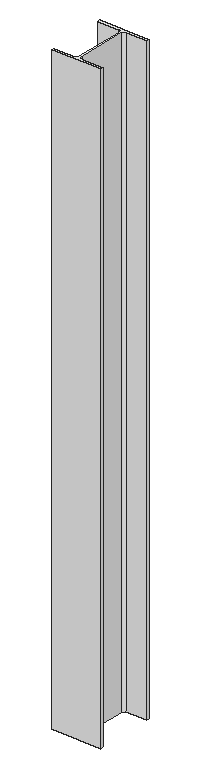
Revit family "M_W Formas-Coluna", category Pilares estruturais, Revit 2019 (continued)
Types in the file's own list only (278): name | Largura | Espessura da teia | Concordância da teia | Constante da empena | Momento de inércia de torção | Chave do nome do corte | Área de corte | Eixo fraco do módulo plástico | Eixo forte do módulo plástico | Perímetro | Peso nominal | Eixo fraco do momento de inércia | Eixo forte do momento de inércia | Altura | Espessura do flange | Eixo fraco do módulo de elasticidade | Eixo forte do módulo de elasticidade | Centróide vertical | Centróide horizontal | Espaçamento do parafuso
  W460X315 | 295.00 mm | 26.90 mm | 10.20 mm | 11700000000000.0 mm6 | 24400000.00 mm4 | W18x211 | 40200.0 mm² | 2160000.0 mm³ | 8030000.0 mm³ | 2.16 m²/m | 315.00 kgf/m | 205000000.00 mm4 | 1800000000.00 mm4 | 526.00 mm | 48.50 mm | 1400000.0 mm³ | 6870000.0 mm³ | 263.00 mm | 147.50 mm | 139.7 mm
  W460X286 | 292.00 mm | 24.40 mm | 10.10 mm | 10200000000000.0 mm6 | 18600000.00 mm4 | W18x192 | 36300.0 mm² | 1950000.0 mm³ | 7240000.0 mm³ | 2.14 m²/m | 286.00 kgf/m | 183000000.00 mm4 | 1610000000.00 mm4 | 518.00 mm | 44.50 mm | 1260000.0 mm³ | 6230000.0 mm³ | 259.00 mm | 146.00 mm | 139.7 mm
  W460X260 | 290.00 mm | 22.60 mm | 10.10 mm | 8940000000000.0 mm6 | 14100000.00 mm4 | W18x175 | 33200.0 mm² | 1740000.0 mm³ | 6520000.0 mm³ | 2.11 m²/m | 260.00 kgf/m | 163000000.00 mm4 | 1440000000.00 mm4 | 508.00 mm | 40.40 mm | 1130000.0 mm³ | 5640000.0 mm³ | 254.00 mm | 145.00 mm | 139.7 mm
  W460X235 | 287.00 mm | 20.60 mm | 10.10 mm | 7790000000000.0 mm6 | 10500000.00 mm4 | W18x158 | 29900.0 mm² | 1550000.0 mm³ | 5830000.0 mm³ | 2.09 m²/m | 235.00 kgf/m | 144000000.00 mm4 | 1270000000.00 mm4 | 500.00 mm | 36.60 mm | 1010000.0 mm³ | 5080000.0 mm³ | 250.00 mm | 143.50 mm | 139.7 mm
  W460X213 | 284.00 mm | 18.50 mm | 10.20 mm | 6900000000000.0 mm6 | 7990000.00 mm4 | W18x143 | 27100.0 mm² | 1400000.0 mm³ | 5280000.0 mm³ | 2.07 m²/m | 213.00 kgf/m | 129000000.00 mm4 | 1140000000.00 mm4 | 495.00 mm | 33.50 mm | 909000.0 mm³ | 4620000.0 mm³ | 247.50 mm | 142.00 mm | 139.7 mm
  W460X193 | 284.00 mm | 17.00 mm | 10.10 mm | 6100000000000.0 mm6 | 6040000.00 mm4 | W18x130 | 24700.0 mm² | 1260000.0 mm³ | 4750000.0 mm³ | 2.07 m²/m | 193.00 kgf/m | 116000000.00 mm4 | 1020000000.00 mm4 | 490.00 mm | 30.50 mm | 818000.0 mm³ | 4200000.0 mm³ | 245.00 mm | 142.00 mm | 139.7 mm
  W460X177 | 287.00 mm | 16.60 mm | 10.20 mm | 5450000000000.0 mm6 | 4410000.00 mm4 | W18x119 | 22600.0 mm² | 1130000.0 mm³ | 4290000.0 mm³ | 2.06 m²/m | 177.00 kgf/m | 105000000.00 mm4 | 912000000.00 mm4 | 483.00 mm | 26.90 mm | 736000.0 mm³ | 3790000.0 mm³ | 241.50 mm | 143.50 mm | 139.7 mm
  W460X158 | 284.00 mm | 15.00 mm | 10.10 mm | 4670000000000.0 mm6 | 3110000.00 mm4 | W18x106 | 20100.0 mm² | 991000.0 mm³ | 3770000.0 mm³ | 2.04 m²/m | 158.00 kgf/m | 91600000.00 mm4 | 795000000.00 mm4 | 475.00 mm | 23.90 mm | 646000.0 mm³ | 3340000.0 mm³ | 237.50 mm | 142.00 mm | 139.7 mm
  W460X144 | 282.00 mm | 13.60 mm | 10.20 mm | 4240000000000.0 mm6 | 2440000.00 mm4 | W18x97 | 18400.0 mm² | 906000.0 mm³ | 3460000.0 mm³ | 2.03 m²/m | 144.00 kgf/m | 83700000.00 mm4 | 728000000.00 mm4 | 472.00 mm | 22.10 mm | 592000.0 mm³ | 3080000.0 mm³ | 236.00 mm | 141.00 mm | 139.7 mm
  W460X128 | 282.00 mm | 12.20 mm | 10.10 mm | 3650000000000.0 mm6 | 1710000.00 mm4 | W18x86 | 16300.0 mm² | 793000.0 mm³ | 3050000.0 mm³ | 2.02 m²/m | 128.00 kgf/m | 72800000.00 mm4 | 637000000.00 mm4 | 467.00 mm | 19.60 mm | 518000.0 mm³ | 2720000.0 mm³ | 233.50 mm | 141.00 mm | 139.7 mm
  W460X113 | 279.00 mm | 10.80 mm | 10.10 mm | 3140000000000.0 mm6 | 1180000.00 mm4 | W18x76 | 14400.0 mm² | 692000.0 mm³ | 2670000.0 mm³ | 2.00 m²/m | 113.00 kgf/m | 63300000.00 mm4 | 554000000.00 mm4 | 462.00 mm | 17.30 mm | 452000.0 mm³ | 2390000.0 mm³ | 231.00 mm | 139.50 mm | 139.7 mm
  W460X106 | 194.00 mm | 12.60 mm | 10.10 mm | 1260000000000.0 mm6 | 1450000.00 mm4 | W18x71 | 13500.0 mm² | 405000.0 mm³ | 2390000.0 mm³ | 1.67 m²/m | 106.00 kgf/m | 25100000.00 mm4 | 487000000.00 mm4 | 470.00 mm | 20.60 mm | 259000.0 mm³ | 2080000.0 mm³ | 235.00 mm | 97.00 mm | 88.9 mm
  W460X97 | 193.00 mm | 11.40 mm | 10.10 mm | 1140000000000.0 mm6 | 1140000.00 mm4 | W18x65 | 12300.0 mm² | 369000.0 mm³ | 2180000.0 mm³ | 1.67 m²/m | 97.00 kgf/m | 22800000.00 mm4 | 445000000.00 mm4 | 467.00 mm | 19.10 mm | 236000.0 mm³ | 1920000.0 mm³ | 233.50 mm | 96.50 mm | 88.9 mm
  W460X89 | 192.00 mm | 10.50 mm | 10.20 mm | 1030000000000.0 mm6 | 903000.00 mm4 | W18x60 | 11400.0 mm² | 338000.0 mm³ | 2020000.0 mm³ | 1.65 m²/m | 89.00 kgf/m | 20900000.00 mm4 | 410000000.00 mm4 | 462.00 mm | 17.70 mm | 218000.0 mm³ | 1770000.0 mm³ | 231.00 mm | 96.00 mm | 88.9 mm
  W460X82 | 191.00 mm | 9.91 mm | 10.20 mm | 921000000000.0 mm6 | 691000.00 mm4 | W18x55 | 10500.0 mm² | 303000.0 mm³ | 1840000.0 mm³ | 1.65 m²/m | 82.00 kgf/m | 18700000.00 mm4 | 370000000.00 mm4 | 460.00 mm | 16.00 mm | 195000.0 mm³ | 1610000.0 mm³ | 230.00 mm | 95.50 mm | 88.9 mm
  W460X74 | 191.00 mm | 9.02 mm | 10.20 mm | 816000000000.0 mm6 | 516000.00 mm4 | W18x50 | 9480.0 mm² | 272000.0 mm³ | 1660000.0 mm³ | 1.64 m²/m | 74.00 kgf/m | 16700000.00 mm4 | 333000000.00 mm4 | 457.00 mm | 14.50 mm | 175000.0 mm³ | 1460000.0 mm³ | 228.50 mm | 95.50 mm | 88.9 mm
  W460X68 | 154.00 mm | 9.14 mm | 10.30 mm | 462000000000.0 mm6 | 508000.00 mm4 | W18x46 | 8710.0 mm² | 192000.0 mm³ | 1490000.0 mm³ | 1.50 m²/m | 68.00 kgf/m | 9370000.00 mm4 | 296000000.00 mm4 | 460.00 mm | 15.40 mm | 122000.0 mm³ | 1290000.0 mm³ | 230.00 mm | 77.00 mm | 88.9 mm
  W460X60 | 153.00 mm | 8.00 mm | 10.20 mm | 387000000000.0 mm6 | 337000.00 mm4 | W18x40 | 7610.0 mm² | 164000.0 mm³ | 1280000.0 mm³ | 1.49 m²/m | 60.00 kgf/m | 7950000.00 mm4 | 255000000.00 mm4 | 455.00 mm | 13.30 mm | 104000.0 mm³ | 1120000.0 mm³ | 227.50 mm | 76.50 mm | 88.9 mm
  W460X52 | 152.00 mm | 7.62 mm | 10.20 mm | 306000000000.0 mm6 | 211000.00 mm4 | W18x35 | 6650.0 mm² | 132000.0 mm³ | 1090000.0 mm³ | 1.48 m²/m | 52.00 kgf/m | 6370000.00 mm4 | 212000000.00 mm4 | 450.00 mm | 10.80 mm | 83900.0 mm³ | 944000.0 mm³ | 225.00 mm | 76.00 mm | 88.9 mm
  W410X149 | 264.00 mm | 14.90 mm | 10.30 mm | 3200000000000.0 mm6 | 3220000.00 mm4 | W16x100 | 19000.0 mm² | 900000.0 mm³ | 3240000.0 mm³ | 1.87 m²/m | 149.00 kgf/m | 77400000.00 mm4 | 620000000.00 mm4 | 432.00 mm | 25.00 mm | 585000.0 mm³ | 2870000.0 mm³ | 216.00 mm | 132.00 mm | 139.7 mm
  W410X132 | 264.00 mm | 13.30 mm | 10.30 mm | 2740000000000.0 mm6 | 2270000.00 mm4 | W16x89 | 16900.0 mm² | 788000.0 mm³ | 2870000.0 mm³ | 1.87 m²/m | 132.00 kgf/m | 67800000.00 mm4 | 541000000.00 mm4 | 427.00 mm | 22.20 mm | 515000.0 mm³ | 2540000.0 mm³ | 213.50 mm | 132.00 mm | 139.7 mm
  W410X114 | 262.00 mm | 11.60 mm | 10.20 mm | 2310000000000.0 mm6 | 1490000.00 mm4 | W16x77 | 14600.0 mm² | 674000.0 mm³ | 2460000.0 mm³ | 1.84 m²/m | 114.00 kgf/m | 57400000.00 mm4 | 462000000.00 mm4 | 419.00 mm | 19.30 mm | 441000.0 mm³ | 2200000.0 mm³ | 209.50 mm | 131.00 mm | 139.7 mm
  W410X100 | 259.00 mm | 10.00 mm | 10.30 mm | 1960000000000.0 mm6 | 995000.00 mm4 | W16x67 | 12600.0 mm² | 582000.0 mm³ | 2130000.0 mm³ | 1.83 m²/m | 100.00 kgf/m | 49500000.00 mm4 | 397000000.00 mm4 | 414.00 mm | 16.90 mm | 380000.0 mm³ | 1920000.0 mm³ | 207.00 mm | 129.50 mm | 139.7 mm
  W410X85 | 181.00 mm | 10.90 mm | 10.20 mm | 714000000000.0 mm6 | 924000.00 mm4 | W16x57 | 10800.0 mm² | 310000.0 mm³ | 1720000.0 mm³ | 1.52 m²/m | 85.00 kgf/m | 17900000.00 mm4 | 316000000.00 mm4 | 417.00 mm | 18.20 mm | 198000.0 mm³ | 1510000.0 mm³ | 208.50 mm | 90.50 mm | 88.9 mm
  W410X75 | 180.00 mm | 9.65 mm | 10.20 mm | 610000000000.0 mm6 | 633000.00 mm4 | W16x50 | 9480.0 mm² | 267000.0 mm³ | 1510000.0 mm³ | 1.51 m²/m | 75.00 kgf/m | 15500000.00 mm4 | 274000000.00 mm4 | 414.00 mm | 16.00 mm | 172000.0 mm³ | 1330000.0 mm³ | 207.00 mm | 90.00 mm | 88.9 mm
  W410X67 | 179.00 mm | 8.76 mm | 10.20 mm | 534000000000.0 mm6 | 462000.00 mm4 | W16x45 | 8580.0 mm² | 238000.0 mm³ | 1350000.0 mm³ | 1.50 m²/m | 67.00 kgf/m | 13700000.00 mm4 | 244000000.00 mm4 | 409.00 mm | 14.40 mm | 153000.0 mm³ | 1190000.0 mm³ | 204.50 mm | 89.50 mm | 88.9 mm
  W410X60 | 178.00 mm | 7.75 mm | 10.20 mm | 465000000000.0 mm6 | 330000.00 mm4 | W16x40 | 7610.0 mm² | 208000.0 mm³ | 1200000.0 mm³ | 1.49 m²/m | 60.00 kgf/m | 12000000.00 mm4 | 216000000.00 mm4 | 406.00 mm | 12.80 mm | 135000.0 mm³ | 1060000.0 mm³ | 203.00 mm | 89.00 mm | 88.9 mm
  W410X53 | 178.00 mm | 7.49 mm | 10.20 mm | 392000000000.0 mm6 | 227000.00 mm4 | W16x36 | 6840.0 mm² | 177000.0 mm³ | 1050000.0 mm³ | 1.49 m²/m | 53.00 kgf/m | 10200000.00 mm4 | 186000000.00 mm4 | 404.00 mm | 10.90 mm | 115000.0 mm³ | 926000.0 mm³ | 202.00 mm | 89.00 mm | 88.9 mm
  W410X46.1 | 140.00 mm | 6.99 mm | 10.20 mm | 198000000000.0 mm6 | 192000.00 mm4 | W16x31 | 5890.0 mm² | 115000.0 mm³ | 885000.0 mm³ | 1.34 m²/m | 46.10 kgf/m | 5160000.00 mm4 | 156000000.00 mm4 | 404.00 mm | 11.20 mm | 73600.0 mm³ | 773000.0 mm³ | 202.00 mm | 70.00 mm | 88.9 mm
  W410X38.8 | 140.00 mm | 6.35 mm | 10.24 mm | 152000000000.0 mm6 | 109000.00 mm4 | W16x26 | 4950.0 mm² | 89800.0 mm³ | 724000.0 mm³ | 1.33 m²/m | 38.80 kgf/m | 3990000.00 mm4 | 125000000.00 mm4 | 399.00 mm | 8.76 mm | 57200.0 mm³ | 629000.0 mm³ | 199.50 mm | 70.00 mm | 88.9 mm
  W360X1086 | 455.00 mm | 78.00 mm | 15.00 mm | 97200000000000.0 mm6 | 604000000.00 mm4 | W14x730 | 139000.0 mm² | 13400000.0 mm³ | 27200000.0 mm³ | 2.77 m²/m | 1090.00 kgf/m | 1960000000.00 mm4 | 5950000000.00 mm4 | 569.00 mm | 125.00 mm | 8640000.0 mm³ | 21000000.0 mm³ | 284.50 mm | 227.50 mm | 190.5 mm
  W360X990 | 450.00 mm | 71.90 mm | 15.00 mm | 81900000000000.0 mm6 | 466000000.00 mm4 | W14x665 | 126000.0 mm² | 12000000.0 mm³ | 24300000.0 mm³ | 2.72 m²/m | 990.00 kgf/m | 1740000000.00 mm4 | 5160000000.00 mm4 | 549.00 mm | 115.00 mm | 7730000.0 mm³ | 18800000.0 mm³ | 274.50 mm | 225.00 mm | 190.5 mm
  W360X900 | 442.00 mm | 66.00 mm | 15.00 mm | 69300000000000.0 mm6 | 362000000.00 mm4 | W14x605 | 115000.0 mm² | 10700000.0 mm³ | 21600000.0 mm³ | 2.67 m²/m | 900.00 kgf/m | 1530000000.00 mm4 | 4500000000.00 mm4 | 531.00 mm | 106.00 mm | 6930000.0 mm³ | 17000000.0 mm³ | 265.50 mm | 221.00 mm | 190.5 mm
  W360X818 | 437.00 mm | 60.50 mm | 15.00 mm | 58800000000000.0 mm6 | 278000000.00 mm4 | W14x550 | 105000.0 mm² | 9550000.0 mm³ | 19300000.0 mm³ | 2.62 m²/m | 818.00 kgf/m | 1350000000.00 mm4 | 3930000000.00 mm4 | 513.00 mm | 97.00 mm | 6190000.0 mm³ | 15300000.0 mm³ | 256.50 mm | 218.50 mm | 190.5 mm
  W360X744 | 432.00 mm | 55.60 mm | 15.10 mm | 50200000000000.0 mm6 | 214000000.00 mm4 | W14x500 | 94800.0 mm² | 8550000.0 mm³ | 17200000.0 mm³ | 2.59 m²/m | 744.00 kgf/m | 1200000000.00 mm4 | 3420000000.00 mm4 | 498.00 mm | 88.90 mm | 5560000.0 mm³ | 13700000.0 mm³ | 249.00 mm | 216.00 mm | 190.5 mm
  W360X677 | 427.00 mm | 51.30 mm | 15.30 mm | 43000000000000.0 mm6 | 164000000.00 mm4 | W14x455 | 86500.0 mm² | 7670000.0 mm³ | 15300000.0 mm³ | 2.54 m²/m | 677.00 kgf/m | 1070000000.00 mm4 | 2990000000.00 mm4 | 483.00 mm | 81.50 mm | 4980000.0 mm³ | 12400000.0 mm³ | 241.50 mm | 213.50 mm | 190.5 mm
  W360X634 | 424.00 mm | 47.80 mm | 15.00 mm | 38700000000000.0 mm6 | 138000000.00 mm4 | W14x426 | 80600.0 mm² | 7110000.0 mm³ | 14200000.0 mm³ | 2.52 m²/m | 634.00 kgf/m | 982000000.00 mm4 | 2750000000.00 mm4 | 475.00 mm | 77.20 mm | 4640000.0 mm³ | 11600000.0 mm³ | 237.50 mm | 212.00 mm | 190.5 mm
  W360X592 | 422.00 mm | 45.00 mm | 15.00 mm | 34600000000000.0 mm6 | 114000000.00 mm4 | W14x398 | 75500.0 mm² | 6590000.0 mm³ | 13100000.0 mm³ | 2.50 m²/m | 592.00 kgf/m | 903000000.00 mm4 | 2500000000.00 mm4 | 465.00 mm | 72.40 mm | 4290000.0 mm³ | 10700000.0 mm³ | 232.50 mm | 211.00 mm | 190.5 mm
  W360X551 | 419.00 mm | 42.20 mm | 15.20 mm | 31200000000000.0 mm6 | 92400000.00 mm4 | W14x370 | 70300.0 mm² | 6060000.0 mm³ | 12100000.0 mm³ | 2.48 m²/m | 551.00 kgf/m | 828000000.00 mm4 | 2260000000.00 mm4 | 455.00 mm | 67.60 mm | 3950000.0 mm³ | 9950000.0 mm³ | 227.50 mm | 209.50 mm | 190.5 mm
  W360X509 | 417.00 mm | 39.10 mm | 15.30 mm | 27700000000000.0 mm6 | 74100000.00 mm4 | W14x342 | 65200.0 mm² | 5540000.0 mm³ | 11000000.0 mm³ | 2.45 m²/m | 509.00 kgf/m | 753000000.00 mm4 | 2040000000.00 mm4 | 445.00 mm | 62.70 mm | 3620000.0 mm³ | 9140000.0 mm³ | 222.50 mm | 208.50 mm | 190.5 mm
  W360X463 | 411.00 mm | 35.80 mm | 15.20 mm | 23900000000000.0 mm6 | 56600000.00 mm4 | W14x311 | 59000.0 mm² | 4980000.0 mm³ | 9880000.0 mm³ | 2.42 m²/m | 463.00 kgf/m | 670000000.00 mm4 | 1800000000.00 mm4 | 434.00 mm | 57.40 mm | 3260000.0 mm³ | 8290000.0 mm³ | 217.00 mm | 205.50 mm | 190.5 mm
  W360X421 | 409.00 mm | 32.80 mm | 15.20 mm | 20900000000000.0 mm6 | 43300000.00 mm4 | W14x283 | 53700.0 mm² | 4490000.0 mm³ | 8880000.0 mm³ | 2.39 m²/m | 421.00 kgf/m | 599000000.00 mm4 | 1600000000.00 mm4 | 424.00 mm | 52.60 mm | 2930000.0 mm³ | 7520000.0 mm³ | 212.00 mm | 204.50 mm | 190.5 mm
  W360X382 | 406.00 mm | 30.00 mm | 15.20 mm | 18200000000000.0 mm6 | 32900000.00 mm4 | W14x257 | 48800.0 mm² | 4030000.0 mm³ | 7980000.0 mm³ | 2.37 m²/m | 382.00 kgf/m | 537000000.00 mm4 | 1420000000.00 mm4 | 417.00 mm | 48.00 mm | 2640000.0 mm³ | 6800000.0 mm³ | 208.50 mm | 203.00 mm | 190.5 mm
  W360X347 | 404.00 mm | 27.20 mm | 15.20 mm | 15800000000000.0 mm6 | 24800000.00 mm4 | W14x233 | 44200.0 mm² | 3620000.0 mm³ | 7140000.0 mm³ | 2.35 m²/m | 347.00 kgf/m | 479000000.00 mm4 | 1250000000.00 mm4 | 406.00 mm | 43.70 mm | 2380000.0 mm³ | 6150000.0 mm³ | 203.00 mm | 202.00 mm | 190.5 mm
  W360X314 | 401.00 mm | 24.90 mm | 15.30 mm | 13800000000000.0 mm6 | 18600000.00 mm4 | W14x211 | 40000.0 mm² | 3240000.0 mm³ | 6390000.0 mm³ | 2.33 m²/m | 314.00 kgf/m | 429000000.00 mm4 | 1110000000.00 mm4 | 399.00 mm | 39.60 mm | 2130000.0 mm³ | 5540000.0 mm³ | 199.50 mm | 200.50 mm | 190.5 mm
  W360X287 | 399.00 mm | 22.60 mm | 15.20 mm | 12300000000000.0 mm6 | 14500000.00 mm4 | W14x193 | 36600.0 mm² | 2950000.0 mm³ | 5820000.0 mm³ | 2.31 m²/m | 287.00 kgf/m | 388000000.00 mm4 | 999000000.00 mm4 | 394.00 mm | 36.60 mm | 1950000.0 mm³ | 5080000.0 mm³ | 197.00 mm | 199.50 mm | 190.5 mm
  W360X262 | 399.00 mm | 21.10 mm | 15.20 mm | 10900000000000.0 mm6 | 11000000.00 mm4 | W14x176 | 33400.0 mm² | 2670000.0 mm³ | 5240000.0 mm³ | 2.30 m²/m | 262.00 kgf/m | 349000000.00 mm4 | 891000000.00 mm4 | 386.00 mm | 33.30 mm | 1750000.0 mm³ | 4600000.0 mm³ | 193.00 mm | 199.50 mm | 190.5 mm
  W360X237 | 396.00 mm | 18.90 mm | 15.30 mm | 9560000000000.0 mm6 | 8200000.00 mm4 | W14x159 | 30100.0 mm² | 2390000.0 mm³ | 4700000.0 mm³ | 2.28 m²/m | 237.00 kgf/m | 311000000.00 mm4 | 791000000.00 mm4 | 381.00 mm | 30.20 mm | 1580000.0 mm³ | 4160000.0 mm³ | 190.50 mm | 198.00 mm | 190.5 mm
  W360X216 | 394.00 mm | 17.30 mm | 15.20 mm | 8510000000000.0 mm6 | 6330000.00 mm4 | W14x145 | 27500.0 mm² | 2180000.0 mm³ | 4260000.0 mm³ | 2.27 m²/m | 216.00 kgf/m | 282000000.00 mm4 | 712000000.00 mm4 | 376.00 mm | 27.70 mm | 1430000.0 mm³ | 3800000.0 mm³ | 188.00 mm | 197.00 mm | 190.5 mm
  W360X196 | 373.00 mm | 16.40 mm | 15.20 mm | 6850000000000.0 mm6 | 5120000.00 mm4 | W14x132 | 25000.0 mm² | 1850000.0 mm³ | 3830000.0 mm³ | 2.18 m²/m | 196.00 kgf/m | 228000000.00 mm4 | 637000000.00 mm4 | 373.00 mm | 26.20 mm | 1220000.0 mm³ | 3420000.0 mm³ | 186.50 mm | 186.50 mm | 139.7 mm
  W360X179 | 373.00 mm | 15.00 mm | 15.20 mm | 6100000000000.0 mm6 | 3900000.00 mm4 | W14x120 | 22800.0 mm² | 1670000.0 mm³ | 3470000.0 mm³ | 2.17 m²/m | 179.00 kgf/m | 206000000.00 mm4 | 574000000.00 mm4 | 368.00 mm | 23.90 mm | 1110000.0 mm³ | 3110000.0 mm³ | 184.00 mm | 186.50 mm | 139.7 mm
  W360X162 | 371.00 mm | 13.30 mm | 15.30 mm | 5420000000000.0 mm6 | 2960000.00 mm4 | W14x109 | 20600.0 mm² | 1520000.0 mm³ | 3150000.0 mm³ | 2.16 m²/m | 162.00 kgf/m | 186000000.00 mm4 | 516000000.00 mm4 | 363.00 mm | 21.80 mm | 1000000.0 mm³ | 2830000.0 mm³ | 181.50 mm | 185.50 mm | 139.7 mm
  W360X147 | 371.00 mm | 12.30 mm | 15.30 mm | 4830000000000.0 mm6 | 2240000.00 mm4 | W14x99 | 18800.0 mm² | 1370000.0 mm³ | 2830000.0 mm³ | 2.15 m²/m | 147.00 kgf/m | 167000000.00 mm4 | 462000000.00 mm4 | 361.00 mm | 19.80 mm | 905000.0 mm³ | 2570000.0 mm³ | 180.50 mm | 185.50 mm | 139.7 mm
  W360X134 | 368.00 mm | 11.20 mm | 15.30 mm | 4300000000000.0 mm6 | 1690000.00 mm4 | W14x90 | 17100.0 mm² | 1240000.0 mm³ | 2570000.0 mm³ | 2.14 m²/m | 134.00 kgf/m | 151000000.00 mm4 | 416000000.00 mm4 | 356.00 mm | 18.00 mm | 818000.0 mm³ | 2340000.0 mm³ | 178.00 mm | 184.00 mm | 139.7 mm
  W360X122 | 257.00 mm | 13.00 mm | 15.10 mm | 1800000000000.0 mm6 | 2110000.00 mm4 | W14x82 | 15500.0 mm² | 734000.0 mm³ | 2280000.0 mm³ | 1.70 m²/m | 122.00 kgf/m | 61600000.00 mm4 | 367000000.00 mm4 | 363.00 mm | 21.70 mm | 480000.0 mm³ | 2020000.0 mm³ | 181.50 mm | 128.50 mm | 139.7 mm
  W360X110 | 257.00 mm | 11.40 mm | 15.20 mm | 1610000000000.0 mm6 | 1610000.00 mm4 | W14x74 | 14100.0 mm² | 664000.0 mm³ | 2060000.0 mm³ | 1.70 m²/m | 110.00 kgf/m | 55800000.00 mm4 | 331000000.00 mm4 | 361.00 mm | 19.90 mm | 436000.0 mm³ | 1840000.0 mm³ | 180.50 mm | 128.50 mm | 139.7 mm
  W360X101 | 254.00 mm | 10.50 mm | 15.00 mm | 1440000000000.0 mm6 | 1250000.00 mm4 | W14x68 | 12900.0 mm² | 605000.0 mm³ | 1880000.0 mm³ | 1.68 m²/m | 101.00 kgf/m | 50400000.00 mm4 | 301000000.00 mm4 | 356.00 mm | 18.30 mm | 397000.0 mm³ | 1690000.0 mm³ | 178.00 mm | 127.00 mm | 139.7 mm
  W360X91 | 254.00 mm | 9.53 mm | 15.10 mm | 1260000000000.0 mm6 | 912000.00 mm4 | W14x61 | 11500.0 mm² | 537000.0 mm³ | 1670000.0 mm³ | 1.68 m²/m | 91.00 kgf/m | 44500000.00 mm4 | 266000000.00 mm4 | 353.00 mm | 16.40 mm | 352000.0 mm³ | 1510000.0 mm³ | 176.50 mm | 127.00 mm | 139.7 mm
  W360X79 | 205.00 mm | 9.40 mm | 15.00 mm | 682000000000.0 mm6 | 807000.00 mm4 | W14x53 | 10100.0 mm² | 361000.0 mm³ | 1430000.0 mm³ | 1.48 m²/m | 79.00 kgf/m | 24000000.00 mm4 | 225000000.00 mm4 | 353.00 mm | 16.80 mm | 234000.0 mm³ | 1270000.0 mm³ | 176.50 mm | 102.50 mm | 139.7 mm
  W360X72 | 204.00 mm | 8.64 mm | 15.10 mm | 602000000000.0 mm6 | 604000.00 mm4 | W14x48 | 9100.0 mm² | 321000.0 mm³ | 1280000.0 mm³ | 1.47 m²/m | 72.00 kgf/m | 21400000.00 mm4 | 201000000.00 mm4 | 351.00 mm | 15.10 mm | 210000.0 mm³ | 1150000.0 mm³ | 175.50 mm | 102.00 mm | 139.7 mm
  W360X64 | 203.00 mm | 7.75 mm | 14.90 mm | 524000000000.0 mm6 | 437000.00 mm4 | W14x43 | 8130.0 mm² | 283000.0 mm³ | 1140000.0 mm³ | 1.47 m²/m | 64.00 kgf/m | 18800000.00 mm4 | 178000000.00 mm4 | 348.00 mm | 13.50 mm | 185000.0 mm³ | 1030000.0 mm³ | 174.00 mm | 101.50 mm | 139.7 mm
  W360X57.8 | 172.00 mm | 7.87 mm | 10.10 mm | 330000000000.0 mm6 | 332000.00 mm4 | W14x38 | 7230.0 mm² | 198000.0 mm³ | 1010000.0 mm³ | 1.37 m²/m | 57.80 kgf/m | 11100000.00 mm4 | 160000000.00 mm4 | 358.00 mm | 13.10 mm | 129000.0 mm³ | 895000.0 mm³ | 179.00 mm | 86.00 mm | 88.9 mm
  W360X51 | 171.00 mm | 7.24 mm | 10.10 mm | 287000000000.0 mm6 | 237000.00 mm4 | W14x34 | 6450.0 mm² | 174000.0 mm³ | 895000.0 mm³ | 1.36 m²/m | 51.00 kgf/m | 9700000.00 mm4 | 142000000.00 mm4 | 356.00 mm | 11.60 mm | 113000.0 mm³ | 796000.0 mm³ | 178.00 mm | 85.50 mm | 88.9 mm
  W360X44 | 171.00 mm | 6.86 mm | 10.12 mm | 238000000000.0 mm6 | 158000.00 mm4 | W14x30 | 5710.0 mm² | 147000.0 mm³ | 775000.0 mm³ | 1.35 m²/m | 44.00 kgf/m | 8160000.00 mm4 | 121000000.00 mm4 | 351.00 mm | 9.78 mm | 95400.0 mm³ | 688000.0 mm³ | 175.50 mm | 85.50 mm | 88.9 mm
  W360X39 | 128.00 mm | 6.48 mm | 10.10 mm | 109000000000.0 mm6 | 149000.00 mm4 | W14x26 | 4960.0 mm² | 90800.0 mm³ | 659000.0 mm³ | 1.19 m²/m | 39.00 kgf/m | 3710000.00 mm4 | 102000000.00 mm4 | 353.00 mm | 10.70 mm | 58200.0 mm³ | 578000.0 mm³ | 176.50 mm | 64.00 mm | 69.9 mm
  W360X32.9 | 127.00 mm | 5.84 mm | 10.19 mm | 84300000000.0 mm6 | 86600.00 mm4 | W14x22 | 4190.0 mm² | 71900.0 mm³ | 544000.0 mm³ | 1.18 m²/m | 32.90 kgf/m | 2910000.00 mm4 | 82800000.00 mm4 | 348.00 mm | 8.51 mm | 45900.0 mm³ | 475000.0 mm³ | 174.00 mm | 63.50 mm | 69.9 mm
  W310X500 | 340.00 mm | 45.20 mm | 15.00 mm | 15300000000000.0 mm6 | 101000000.00 mm4 | W12x336 | 63800.0 mm² | 4490000.0 mm³ | 9880000.0 mm³ | 2.10 m²/m | 500.00 kgf/m | 495000000.00 mm4 | 1690000000.00 mm4 | 427.00 mm | 75.20 mm | 2900000.0 mm³ | 7910000.0 mm³ | 213.50 mm | 170.00 mm | 139.7 mm
  W310X454 | 335.00 mm | 41.40 mm | 15.00 mm | 13100000000000.0 mm6 | 77000000.00 mm4 | W12x305 | 57700.0 mm² | 4000000.0 mm³ | 8800000.0 mm³ | 2.06 m²/m | 454.00 kgf/m | 437000000.00 mm4 | 1480000000.00 mm4 | 414.00 mm | 68.80 mm | 2610000.0 mm³ | 7130000.0 mm³ | 207.00 mm | 167.50 mm | 139.7 mm
  W310X415 | 333.00 mm | 38.90 mm | 15.30 mm | 11300000000000.0 mm6 | 59500000.00 mm4 | W12x279 | 52800.0 mm² | 3610000.0 mm³ | 7880000.0 mm³ | 2.03 m²/m | 415.00 kgf/m | 390000000.00 mm4 | 1290000000.00 mm4 | 404.00 mm | 62.70 mm | 2340000.0 mm³ | 6440000.0 mm³ | 202.00 mm | 166.50 mm | 139.7 mm
  W310X375 | 330.00 mm | 35.60 mm | 15.20 mm | 9610000000000.0 mm6 | 45000000.00 mm4 | W12x252 | 47800.0 mm² | 3210000.0 mm³ | 7010000.0 mm³ | 2.01 m²/m | 375.00 kgf/m | 345000000.00 mm4 | 1130000000.00 mm4 | 391.00 mm | 57.20 mm | 2080000.0 mm³ | 5780000.0 mm³ | 195.50 mm | 165.00 mm | 139.7 mm
  W310X342 | 328.00 mm | 32.80 mm | 15.20 mm | 8380000000000.0 mm6 | 34900000.00 mm4 | W12x230 | 43700.0 mm² | 2900000.0 mm³ | 6330000.0 mm³ | 1.99 m²/m | 342.00 kgf/m | 309000000.00 mm4 | 1010000000.00 mm4 | 384.00 mm | 52.60 mm | 1880000.0 mm³ | 5260000.0 mm³ | 192.00 mm | 164.00 mm | 139.7 mm
  W310X313 | 325.00 mm | 30.00 mm | 15.20 mm | 7300000000000.0 mm6 | 26900000.00 mm4 | W12x210 | 39900.0 mm² | 2610000.0 mm³ | 5700000.0 mm³ | 1.96 m²/m | 313.00 kgf/m | 276000000.00 mm4 | 891000000.00 mm4 | 373.00 mm | 48.30 mm | 1700000.0 mm³ | 4790000.0 mm³ | 186.50 mm | 162.50 mm | 139.7 mm
  W310X283 | 323.00 mm | 26.90 mm | 15.00 mm | 6340000000000.0 mm6 | 20300000.00 mm4 | W12x190 | 36100.0 mm² | 2340000.0 mm³ | 5100000.0 mm³ | 1.94 m²/m | 283.00 kgf/m | 245000000.00 mm4 | 787000000.00 mm4 | 366.00 mm | 44.20 mm | 1520000.0 mm³ | 4310000.0 mm³ | 183.00 mm | 161.50 mm | 139.7 mm
  W310X253 | 320.00 mm | 24.40 mm | 15.30 mm | 5400000000000.0 mm6 | 14800000.00 mm4 | W12x170 | 32300.0 mm² | 2060000.0 mm³ | 4510000.0 mm³ | 1.92 m²/m | 253.00 kgf/m | 215000000.00 mm4 | 687000000.00 mm4 | 356.00 mm | 39.60 mm | 1350000.0 mm³ | 3850000.0 mm³ | 178.00 mm | 160.00 mm | 139.7 mm
  W310X226 | 318.00 mm | 22.10 mm | 15.20 mm | 4620000000000.0 mm6 | 10700000.00 mm4 | W12x152 | 28800.0 mm² | 1820000.0 mm³ | 3980000.0 mm³ | 1.89 m²/m | 226.00 kgf/m | 189000000.00 mm4 | 595000000.00 mm4 | 348.00 mm | 35.60 mm | 1190000.0 mm³ | 3420000.0 mm³ | 174.00 mm | 159.00 mm | 139.7 mm
  W310X202 | 315.00 mm | 20.10 mm | 15.20 mm | 3950000000000.0 mm6 | 7700000.00 mm4 | W12x136 | 25700.0 mm² | 1610000.0 mm³ | 3510000.0 mm³ | 1.87 m²/m | 202.00 kgf/m | 166000000.00 mm4 | 516000000.00 mm4 | 340.00 mm | 31.80 mm | 1050000.0 mm³ | 3050000.0 mm³ | 170.00 mm | 157.50 mm | 139.7 mm
  W310X179 | 312.00 mm | 18.00 mm | 15.00 mm | 3330000000000.0 mm6 | 5370000.00 mm4 | W12x120 | 22700.0 mm² | 1400000.0 mm³ | 3050000.0 mm³ | 1.85 m²/m | 179.00 kgf/m | 144000000.00 mm4 | 445000000.00 mm4 | 333.00 mm | 28.20 mm | 918000.0 mm³ | 2670000.0 mm³ | 166.50 mm | 156.00 mm | 139.7 mm
  W310X158 | 310.00 mm | 15.50 mm | 15.30 mm | 2870000000000.0 mm6 | 3800000.00 mm4 | W12x106 | 20100.0 mm² | 1230000.0 mm³ | 2690000.0 mm³ | 1.84 m²/m | 158.00 kgf/m | 125000000.00 mm4 | 388000000.00 mm4 | 328.00 mm | 25.10 mm | 808000.0 mm³ | 2380000.0 mm³ | 164.00 mm | 155.00 mm | 139.7 mm
  W310X143 | 310.00 mm | 14.00 mm | 15.20 mm | 2530000000000.0 mm6 | 2850000.00 mm4 | W12x96 | 18200.0 mm² | 1110000.0 mm³ | 2410000.0 mm³ | 1.83 m²/m | 143.00 kgf/m | 112000000.00 mm4 | 347000000.00 mm4 | 323.00 mm | 22.90 mm | 728000.0 mm³ | 2150000.0 mm³ | 161.50 mm | 155.00 mm | 139.7 mm
  W310X129 | 307.00 mm | 13.10 mm | 15.20 mm | 2220000000000.0 mm6 | 2120000.00 mm4 | W12x87 | 16500.0 mm² | 990000.0 mm³ | 2160000.0 mm³ | 1.81 m²/m | 129.00 kgf/m | 100000000.00 mm4 | 308000000.00 mm4 | 318.00 mm | 20.60 mm | 651000.0 mm³ | 1930000.0 mm³ | 159.00 mm | 153.50 mm | 139.7 mm
  W310X117 | 307.00 mm | 11.90 mm | 15.10 mm | 1970000000000.0 mm6 | 1600000.00 mm4 | W12x79 | 15000.0 mm² | 890000.0 mm³ | 1950000.0 mm³ | 1.81 m²/m | 117.00 kgf/m | 89900000.00 mm4 | 276000000.00 mm4 | 315.00 mm | 18.70 mm | 587000.0 mm³ | 1750000.0 mm³ | 157.50 mm | 153.50 mm | 139.7 mm
  W310X107 | 305.00 mm | 10.90 mm | 15.30 mm | 1760000000000.0 mm6 | 1220000.00 mm4 | W12x72 | 13600.0 mm² | 806000.0 mm³ | 1770000.0 mm³ | 1.80 m²/m | 107.00 kgf/m | 81200000.00 mm4 | 248000000.00 mm4 | 312.00 mm | 17.00 mm | 531000.0 mm³ | 1600000.0 mm³ | 156.00 mm | 152.50 mm | 139.7 mm
  W310X97 | 305.00 mm | 9.91 mm | 15.10 mm | 1550000000000.0 mm6 | 907000.00 mm4 | W12x65 | 12300.0 mm² | 723000.0 mm³ | 1590000.0 mm³ | 1.79 m²/m | 97.00 kgf/m | 72400000.00 mm4 | 222000000.00 mm4 | 307.00 mm | 15.40 mm | 477000.0 mm³ | 1440000.0 mm³ | 153.50 mm | 152.50 mm | 139.7 mm
  W310X86 | 254.00 mm | 9.14 mm | 15.20 mm | 959000000000.0 mm6 | 874000.00 mm4 | W12x58 | 11000.0 mm² | 533000.0 mm³ | 1420000.0 mm³ | 1.59 m²/m | 86.00 kgf/m | 44500000.00 mm4 | 198000000.00 mm4 | 310.00 mm | 16.30 mm | 351000.0 mm³ | 1280000.0 mm³ | 155.00 mm | 127.00 mm | 139.7 mm
  W310X79 | 254.00 mm | 8.76 mm | 15.40 mm | 849000000000.0 mm6 | 658000.00 mm4 | W12x53 | 10100.0 mm² | 477000.0 mm³ | 1280000.0 mm³ | 1.59 m²/m | 79.00 kgf/m | 39900000.00 mm4 | 177000000.00 mm4 | 307.00 mm | 14.60 mm | 315000.0 mm³ | 1160000.0 mm³ | 153.50 mm | 127.00 mm | 139.7 mm
  W310X74 | 205.00 mm | 9.40 mm | 12.70 mm | 505000000000.0 mm6 | 712000.00 mm4 | W12x50 | 9420.0 mm² | 349000.0 mm³ | 1180000.0 mm³ | 1.40 m²/m | 74.00 kgf/m | 23400000.00 mm4 | 163000000.00 mm4 | 310.00 mm | 16.30 mm | 228000.0 mm³ | 1050000.0 mm³ | 155.00 mm | 102.50 mm | 139.7 mm
  W310X67 | 204.00 mm | 8.51 mm | 12.80 mm | 443000000000.0 mm6 | 524000.00 mm4 | W12x45 | 8450.0 mm² | 311000.0 mm³ | 1050000.0 mm³ | 1.39 m²/m | 67.00 kgf/m | 20800000.00 mm4 | 145000000.00 mm4 | 307.00 mm | 14.60 mm | 203000.0 mm³ | 946000.0 mm³ | 153.50 mm | 102.00 mm | 139.7 mm
  W310X60 | 203.00 mm | 7.49 mm | 12.80 mm | 387000000000.0 mm6 | 377000.00 mm4 | W12x40 | 7550.0 mm² | 275000.0 mm³ | 934000.0 mm³ | 1.38 m²/m | 60.00 kgf/m | 18400000.00 mm4 | 128000000.00 mm4 | 302.00 mm | 13.10 mm | 180000.0 mm³ | 844000.0 mm³ | 151.00 mm | 101.50 mm | 139.7 mm
  W310X52 | 167.00 mm | 7.62 mm | 7.60 mm | 236000000000.0 mm6 | 308000.00 mm4 | W12x35 | 6650.0 mm² | 188000.0 mm³ | 839000.0 mm³ | 1.27 m²/m | 52.00 kgf/m | 10200000.00 mm4 | 119000000.00 mm4 | 318.00 mm | 13.20 mm | 122000.0 mm³ | 747000.0 mm³ | 159.00 mm | 83.50 mm | 88.9 mm
  W310X44.5 | 166.00 mm | 6.60 mm | 7.60 mm | 193000000000.0 mm6 | 190000.00 mm4 | W12x30 | 5670.0 mm² | 157000.0 mm³ | 706000.0 mm³ | 1.26 m²/m | 44.50 kgf/m | 8450000.00 mm4 | 99100000.00 mm4 | 312.00 mm | 11.20 mm | 102000.0 mm³ | 633000.0 mm³ | 156.00 mm | 83.00 mm | 88.9 mm
  W310X38.7 | 165.00 mm | 5.84 mm | 7.65 mm | 163000000000.0 mm6 | 125000.00 mm4 | W12x26 | 4940.0 mm² | 134000.0 mm³ | 610000.0 mm³ | 1.25 m²/m | 38.70 kgf/m | 7200000.00 mm4 | 84900000.00 mm4 | 310.00 mm | 9.65 mm | 87500.0 mm³ | 547000.0 mm³ | 155.00 mm | 82.50 mm | 88.9 mm
  W310X32.7 | 102.00 mm | 6.60 mm | 7.60 mm | 44000000000.0 mm6 | 122000.00 mm4 | W12x22 | 4180.0 mm² | 60000.0 mm³ | 480000.0 mm³ | 1.01 m²/m | 32.70 kgf/m | 1940000.00 mm4 | 64900000.00 mm4 | 312.00 mm | 10.80 mm | 37900.0 mm³ | 416000.0 mm³ | 156.00 mm | 51.00 mm | 57.2 mm
  W310X28.3 | 102.00 mm | 5.97 mm | 7.61 mm | 35200000000.0 mm6 | 74900.00 mm4 | W12x19 | 3590.0 mm² | 48800.0 mm³ | 405000.0 mm³ | 1.00 m²/m | 28.30 kgf/m | 1570000.00 mm4 | 54100000.00 mm4 | 310.00 mm | 8.89 mm | 30800.0 mm³ | 349000.0 mm³ | 155.00 mm | 51.00 mm | 57.2 mm
  W310X23.8 | 101.00 mm | 5.59 mm | 7.67 mm | 26000000000.0 mm6 | 42900.00 mm4 | W12x16 | 3040.0 mm² | 37000.0 mm³ | 329000.0 mm³ | 0.99 m²/m | 23.80 kgf/m | 1170000.00 mm4 | 42900000.00 mm4 | 305.00 mm | 6.73 mm | 23100.0 mm³ | 280000.0 mm³ | 152.50 mm | 50.50 mm | 57.2 mm
  W310X21 | 101.00 mm | 5.08 mm | 7.58 mm | 21600000000.0 mm6 | 29300.00 mm4 | W12x14 | 2680.0 mm² | 31100.0 mm³ | 285000.0 mm³ | 0.99 m²/m | 21.00 kgf/m | 982000.00 mm4 | 36900000.00 mm4 | 302.00 mm | 5.72 mm | 19500.0 mm³ | 244000.0 mm³ | 151.00 mm | 50.50 mm | 57.2 mm
  W250X167 | 264.00 mm | 19.20 mm | 12.70 mm | 1620000000000.0 mm6 | 6290000.00 mm4 | W10x112 | 21200.0 mm² | 1130000.0 mm³ | 2410000.0 mm³ | 1.57 m²/m | 167.00 kgf/m | 98200000.00 mm4 | 298000000.00 mm4 | 290.00 mm | 31.80 mm | 742000.0 mm³ | 2060000.0 mm³ | 145.00 mm | 132.00 mm | 139.7 mm
  W250X149 | 262.00 mm | 17.30 mm | 12.70 mm | 1380000000000.0 mm6 | 4540000.00 mm4 | W10x100 | 18900.0 mm² | 1000000.0 mm³ | 2130000.0 mm³ | 1.55 m²/m | 149.00 kgf/m | 86200000.00 mm4 | 259000000.00 mm4 | 282.00 mm | 28.40 mm | 655000.0 mm³ | 1840000.0 mm³ | 141.00 mm | 131.00 mm | 139.7 mm
  W250X131 | 262.00 mm | 15.40 mm | 12.70 mm | 1160000000000.0 mm6 | 3130000.00 mm4 | W10x88 | 16800.0 mm² | 870000.0 mm³ | 1850000.0 mm³ | 1.54 m²/m | 131.00 kgf/m | 74500000.00 mm4 | 222000000.00 mm4 | 274.00 mm | 25.10 mm | 570000.0 mm³ | 1610000.0 mm³ | 137.00 mm | 131.00 mm | 139.7 mm
  W250X115 | 259.00 mm | 13.50 mm | 12.70 mm | 975000000000.0 mm6 | 2130000.00 mm4 | W10x77 | 14600.0 mm² | 752000.0 mm³ | 1600000.0 mm³ | 1.53 m²/m | 115.00 kgf/m | 64100000.00 mm4 | 189000000.00 mm4 | 269.00 mm | 22.10 mm | 493000.0 mm³ | 1410000.0 mm³ | 134.50 mm | 129.50 mm | 139.7 mm
  W250X101 | 257.00 mm | 11.90 mm | 12.70 mm | 832000000000.0 mm6 | 1480000.00 mm4 | W10x68 | 12800.0 mm² | 657000.0 mm³ | 1400000.0 mm³ | 1.51 m²/m | 101.00 kgf/m | 55800000.00 mm4 | 164000000.00 mm4 | 264.00 mm | 19.60 mm | 433000.0 mm³ | 1240000.0 mm³ | 132.00 mm | 128.50 mm | 139.7 mm
  W250X89 | 257.00 mm | 10.70 mm | 12.70 mm | 709000000000.0 mm6 | 1030000.00 mm4 | W10x60 | 11400.0 mm² | 574000.0 mm³ | 1220000.0 mm³ | 1.50 m²/m | 89.00 kgf/m | 48300000.00 mm4 | 142000000.00 mm4 | 259.00 mm | 17.30 mm | 377000.0 mm³ | 1090000.0 mm³ | 129.50 mm | 128.50 mm | 139.7 mm
  W250X80 | 254.00 mm | 9.40 mm | 12.80 mm | 623000000000.0 mm6 | 758000.00 mm4 | W10x54 | 10200.0 mm² | 513000.0 mm³ | 1090000.0 mm³ | 1.49 m²/m | 80.00 kgf/m | 42900000.00 mm4 | 126000000.00 mm4 | 257.00 mm | 15.60 mm | 338000.0 mm³ | 983000.0 mm³ | 128.50 mm | 127.00 mm | 139.7 mm
  W250X67 | 204.00 mm | 8.89 mm | 12.70 mm | 322000000000.0 mm6 | 629000.00 mm4 | W10x45 | 8580.0 mm² | 333000.0 mm³ | 900000.0 mm³ | 1.29 m²/m | 67.00 kgf/m | 22200000.00 mm4 | 103000000.00 mm4 | 257.00 mm | 15.70 mm | 218000.0 mm³ | 805000.0 mm³ | 128.50 mm | 102.00 mm | 139.7 mm
  W250X58 | 203.00 mm | 8.00 mm | 12.70 mm | 266000000000.0 mm6 | 406000.00 mm4 | W10x39 | 7420.0 mm² | 282000.0 mm³ | 767000.0 mm³ | 1.28 m²/m | 58.00 kgf/m | 18700000.00 mm4 | 87000000.00 mm4 | 252.00 mm | 13.50 mm | 185000.0 mm³ | 690000.0 mm³ | 126.00 mm | 101.50 mm | 139.7 mm
  W250X44.8 | 148.00 mm | 7.62 mm | 7.60 mm | 111000000000.0 mm6 | 259000.00 mm4 | W10x30 | 5700.0 mm² | 145000.0 mm³ | 600000.0 mm³ | 1.09 m²/m | 44.80 kgf/m | 6950000.00 mm4 | 70800000.00 mm4 | 267.00 mm | 13.00 mm | 94200.0 mm³ | 531000.0 mm³ | 133.50 mm | 74.00 mm | 69.9 mm
  W250X38.5 | 147.00 mm | 6.60 mm | 7.60 mm | 92600000000.0 mm6 | 167000.00 mm4 | W10x26 | 4910.0 mm² | 123000.0 mm³ | 513000.0 mm³ | 1.08 m²/m | 38.50 kgf/m | 5870000.00 mm4 | 59900000.00 mm4 | 262.00 mm | 11.20 mm | 80100.0 mm³ | 457000.0 mm³ | 131.00 mm | 73.50 mm | 69.9 mm
  W250X32.7 | 146.00 mm | 6.10 mm | 7.66 mm | 73800000000.0 mm6 | 99500.00 mm4 | W10x22 | 4190.0 mm² | 100000.0 mm³ | 426000.0 mm³ | 1.08 m²/m | 32.70 kgf/m | 4750000.00 mm4 | 49100000.00 mm4 | 259.00 mm | 9.14 mm | 65100.0 mm³ | 380000.0 mm³ | 129.50 mm | 73.00 mm | 69.9 mm
  W250X28.4 | 102.00 mm | 6.35 mm | 7.70 mm | 27900000000.0 mm6 | 97000.00 mm4 | W10x19 | 3630.0 mm² | 54900.0 mm³ | 354000.0 mm³ | 0.90 m²/m | 28.40 kgf/m | 1790000.00 mm4 | 40100000.00 mm4 | 259.00 mm | 10.00 mm | 35100.0 mm³ | 308000.0 mm³ | 129.50 mm | 51.00 mm | 57.2 mm
  W250X25.3 | 102.00 mm | 6.10 mm | 7.62 mm | 22900000000.0 mm6 | 64900.00 mm4 | W10x17 | 3220.0 mm² | 45900.0 mm³ | 306000.0 mm³ | 0.89 m²/m | 25.30 kgf/m | 1480000.00 mm4 | 34100000.00 mm4 | 257.00 mm | 8.38 mm | 29200.0 mm³ | 265000.0 mm³ | 128.50 mm | 51.00 mm | 57.2 mm
  W250X22.3 | 102.00 mm | 5.84 mm | 7.64 mm | 18300000000.0 mm6 | 43300.00 mm4 | W10x15 | 2850.0 mm² | 37700.0 mm³ | 262000.0 mm³ | 0.89 m²/m | 22.30 kgf/m | 1200000.00 mm4 | 28700000.00 mm4 | 254.00 mm | 6.86 mm | 23800.0 mm³ | 226000.0 mm³ | 127.00 mm | 51.00 mm | 57.2 mm
  W250X17.9 | 101.00 mm | 4.83 mm | 7.67 mm | 13700000000.0 mm6 | 22800.00 mm4 | W10x12 | 2280.0 mm² | 28500.0 mm³ | 206000.0 mm³ | 0.88 m²/m | 17.90 kgf/m | 907000.00 mm4 | 22400000.00 mm4 | 251.00 mm | 5.33 mm | 18000.0 mm³ | 179000.0 mm³ | 125.50 mm | 50.50 mm | 57.2 mm
  W200X100 | 210.00 mm | 14.50 mm | 10.10 mm | 387000000000.0 mm6 | 2100000.00 mm4 | W8x67 | 12700.0 mm² | 536000.0 mm³ | 1150000.0 mm³ | 1.25 m²/m | 100.00 kgf/m | 36900000.00 mm4 | 113000000.00 mm4 | 229.00 mm | 23.70 mm | 351000.0 mm³ | 990000.0 mm³ | 114.50 mm | 105.00 mm | 139.7 mm
  W200X86 | 209.00 mm | 13.00 mm | 9.90 mm | 317000000000.0 mm6 | 1390000.00 mm4 | W8x58 | 11000.0 mm² | 457000.0 mm³ | 980000.0 mm³ | 1.24 m²/m | 86.00 kgf/m | 31300000.00 mm4 | 94900000.00 mm4 | 222.00 mm | 20.60 mm | 300000.0 mm³ | 852000.0 mm³ | 111.00 mm | 104.50 mm | 139.7 mm
  W200X71 | 206.00 mm | 10.20 mm | 10.00 mm | 250000000000.0 mm6 | 816000.00 mm4 | W8x48 | 9100.0 mm² | 375000.0 mm³ | 803000.0 mm³ | 1.22 m²/m | 71.00 kgf/m | 25300000.00 mm4 | 76600000.00 mm4 | 216.00 mm | 17.40 mm | 246000.0 mm³ | 708000.0 mm³ | 108.00 mm | 103.00 mm | 139.7 mm
  W200X59 | 205.00 mm | 9.14 mm | 10.00 mm | 195000000000.0 mm6 | 466000.00 mm4 | W8x40 | 7550.0 mm² | 303000.0 mm³ | 652000.0 mm³ | 1.20 m²/m | 59.00 kgf/m | 20400000.00 mm4 | 60800000.00 mm4 | 210.00 mm | 14.20 mm | 200000.0 mm³ | 582000.0 mm³ | 105.00 mm | 102.50 mm | 139.7 mm
  W200X52 | 204.00 mm | 7.87 mm | 10.00 mm | 166000000000.0 mm6 | 320000.00 mm4 | W8x35 | 6650.0 mm² | 264000.0 mm³ | 569000.0 mm³ | 1.19 m²/m | 52.00 kgf/m | 17700000.00 mm4 | 52900000.00 mm4 | 206.00 mm | 12.60 mm | 174000.0 mm³ | 511000.0 mm³ | 103.00 mm | 102.00 mm | 139.7 mm
  W200X46.1 | 203.00 mm | 7.24 mm | 10.10 mm | 142000000000.0 mm6 | 223000.00 mm4 | W8x31 | 5890.0 mm² | 231000.0 mm³ | 498000.0 mm³ | 1.19 m²/m | 46.10 kgf/m | 15400000.00 mm4 | 45800000.00 mm4 | 203.00 mm | 11.00 mm | 152000.0 mm³ | 451000.0 mm³ | 101.50 mm | 101.50 mm | 139.7 mm
  W200X41.7 | 166.00 mm | 7.24 mm | 10.00 mm | 83800000000.0 mm6 | 224000.00 mm4 | W8x28 | 5320.0 mm² | 166000.0 mm³ | 446000.0 mm³ | 1.04 m²/m | 41.70 kgf/m | 9030000.00 mm4 | 40800000.00 mm4 | 205.00 mm | 11.80 mm | 109000.0 mm³ | 398000.0 mm³ | 102.50 mm | 83.00 mm | 101.6 mm
  W200X35.9 | 165.00 mm | 6.22 mm | 10.00 mm | 69600000000.0 mm6 | 144000.00 mm4 | W8x24 | 4570.0 mm² | 140000.0 mm³ | 379000.0 mm³ | 1.03 m²/m | 35.90 kgf/m | 7620000.00 mm4 | 34400000.00 mm4 | 201.00 mm | 10.20 mm | 92300.0 mm³ | 342000.0 mm³ | 100.50 mm | 82.50 mm | 101.6 mm
  W200X31.3 | 134.00 mm | 6.35 mm | 7.60 mm | 40800000000.0 mm6 | 117000.00 mm4 | W8x21 | 3970.0 mm² | 93200.0 mm³ | 334000.0 mm³ | 0.93 m²/m | 31.30 kgf/m | 4070000.00 mm4 | 31300000.00 mm4 | 210.00 mm | 10.20 mm | 60800.0 mm³ | 298000.0 mm³ | 105.00 mm | 67.00 mm | 69.9 mm
  W200X26.6 | 133.00 mm | 5.84 mm | 7.62 mm | 32800000000.0 mm6 | 71600.00 mm4 | W8x18 | 3390.0 mm² | 76400.0 mm³ | 279000.0 mm³ | 0.92 m²/m | 26.60 kgf/m | 3320000.00 mm4 | 25800000.00 mm4 | 207.00 mm | 8.38 mm | 49800.0 mm³ | 249000.0 mm³ | 103.50 mm | 66.50 mm | 69.9 mm
  W200X22.5 | 102.00 mm | 6.22 mm | 7.60 mm | 13900000000.0 mm6 | 57000.00 mm4 | W8x15 | 2860.0 mm² | 43800.0 mm³ | 223000.0 mm³ | 0.80 m²/m | 22.50 kgf/m | 1420000.00 mm4 | 20000000.00 mm4 | 206.00 mm | 8.00 mm | 27900.0 mm³ | 193000.0 mm³ | 103.00 mm | 51.00 mm | 57.2 mm
  W200X19.3 | 102.00 mm | 5.84 mm | 7.62 mm | 11000000000.0 mm6 | 36300.00 mm4 | W8x13 | 2480.0 mm² | 35200.0 mm³ | 187000.0 mm³ | 0.79 m²/m | 19.30 kgf/m | 1140000.00 mm4 | 16500000.00 mm4 | 203.00 mm | 6.48 mm | 22500.0 mm³ | 162000.0 mm³ | 101.50 mm | 51.00 mm | 57.2 mm
  W200X15 | 100.00 mm | 4.32 mm | 7.59 mm | 8300000000.0 mm6 | 17700.00 mm4 | W8x10 | 1910.0 mm² | 27200.0 mm³ | 145000.0 mm³ | 0.78 m²/m | 15.00 kgf/m | 870000.00 mm4 | 12800000.00 mm4 | 200.00 mm | 5.21 mm | 17400.0 mm³ | 128000.0 mm³ | 100.00 mm | 50.00 mm | 57.2 mm
  W150X37.1 | 154.00 mm | 8.13 mm | 6.30 mm | 40300000000.0 mm6 | 192000.00 mm4 | W6x25 | 4740.0 mm² | 140000.0 mm³ | 310000.0 mm³ | 0.91 m²/m | 37.10 kgf/m | 7120000.00 mm4 | 22200000.00 mm4 | 162.00 mm | 11.60 mm | 91900.0 mm³ | 274000.0 mm³ | 81.00 mm | 77.00 mm | 88.9 mm
  W150X29.8 | 153.00 mm | 6.60 mm | 6.33 mm | 30300000000.0 mm6 | 99900.00 mm4 | W6x20 | 3790.0 mm² | 110000.0 mm³ | 246000.0 mm³ | 0.90 m²/m | 29.80 kgf/m | 5540000.00 mm4 | 17200000.00 mm4 | 157.00 mm | 9.27 mm | 72300.0 mm³ | 220000.0 mm³ | 78.50 mm | 76.50 mm | 88.9 mm
  W150X22.5 | 152.00 mm | 5.84 mm | 6.40 mm | 20500000000.0 mm6 | 42000.00 mm4 | W6x15 | 2860.0 mm² | 77800.0 mm³ | 177000.0 mm³ | 0.89 m²/m | 22.50 kgf/m | 3880000.00 mm4 | 12100000.00 mm4 | 152.00 mm | 6.60 mm | 51000.0 mm³ | 159000.0 mm³ | 76.00 mm | 76.00 mm | 88.9 mm
  W150X24 | 102.00 mm | 6.60 mm | 6.30 mm | 10300000000.0 mm6 | 92800.00 mm4 | W6x16 | 3060.0 mm² | 55600.0 mm³ | 192000.0 mm³ | 0.70 m²/m | 24.00 kgf/m | 1840000.00 mm4 | 13400000.00 mm4 | 160.00 mm | 10.30 mm | 36100.0 mm³ | 167000.0 mm³ | 80.00 mm | 51.00 mm | 57.2 mm
  W150X18 | 102.00 mm | 5.84 mm | 6.39 mm | 6630000000.0 mm6 | 37600.00 mm4 | W6x12 | 2290.0 mm² | 38000.0 mm³ | 136000.0 mm³ | 0.69 m²/m | 18.00 kgf/m | 1240000.00 mm4 | 9200000.00 mm4 | 153.00 mm | 7.11 mm | 24600.0 mm³ | 120000.0 mm³ | 76.50 mm | 51.00 mm | 57.2 mm
  W150X13.5 | 100.00 mm | 4.32 mm | 6.34 mm | 4750000000.0 mm6 | 16900.00 mm4 | W6x9 | 1730.0 mm² | 28200.0 mm³ | 102000.0 mm³ | 0.68 m²/m | 13.50 kgf/m | 916000.00 mm4 | 6830000.00 mm4 | 150.00 mm | 5.46 mm | 18200.0 mm³ | 91100.0 mm³ | 75.00 mm | 50.00 mm | 57.2 mm
  W150X13 | 100.00 mm | 4.32 mm | 6.35 mm | 4240000000.0 mm6 | 13900.00 mm4 | W6x8.5 | 1630.0 mm² | 25600.0 mm³ | 93900.0 mm³ | 0.68 m²/m | 13.00 kgf/m | 828000.00 mm4 | 6200000.00 mm4 | 148.00 mm | 4.95 mm | 16600.0 mm³ | 83600.0 mm³ | 74.00 mm | 50.00 mm | 57.2 mm
  W130X28.1 | 128.00 mm | 6.86 mm | 7.60 mm | 13700000000.0 mm6 | 132000.00 mm4 | W5x19 | 3590.0 mm² | 90600.0 mm³ | 190000.0 mm³ | 0.75 m²/m | 28.10 kgf/m | 3800000.00 mm4 | 10900000.00 mm4 | 131.00 mm | 10.90 mm | 59500.0 mm³ | 167000.0 mm³ | 65.50 mm | 64.00 mm | 69.9 mm
  W130X23.8 | 127.00 mm | 6.10 mm | 7.66 mm | 10900000000.0 mm6 | 79900.00 mm4 | W5x16 | 3040.0 mm² | 75100.0 mm³ | 158000.0 mm³ | 0.74 m²/m | 23.80 kgf/m | 3130000.00 mm4 | 8910000.00 mm4 | 127.00 mm | 9.14 mm | 49200.0 mm³ | 140000.0 mm³ | 63.50 mm | 63.50 mm | 69.9 mm
  W100X19.3 | 103.00 mm | 7.11 mm | 6.34 mm | 3760000000.0 mm6 | 62900.00 mm4 | W4x13 | 2470.0 mm² | 47900.0 mm³ | 103000.0 mm³ | 0.60 m²/m | 19.30 kgf/m | 1610000.00 mm4 | 4700000.00 mm4 | 106.00 mm | 8.76 mm | 31100.0 mm³ | 89500.0 mm³ | 53.00 mm | 51.50 mm | 57.2 mm
  W360x1202 | 471.00 mm | 95.00 mm | 15.00 mm | 115000000000000.0 mm6 | 792300000.00 mm4 | W14x808 | 153000.0 mm² | 15150000.0 mm³ | 30020000.0 mm³ | 2.83 m²/m | 1202.00 kgf/m | 2287000000.00 mm4 | 6636000000.00 mm4 | 580.00 mm | 130.00 mm | 9712000.0 mm³ | 22880000.0 mm³ | 290.00 mm | 235.50 mm | 190.5 mm
  W360x1299 | 476.00 mm | 100.00 mm | 15.00 mm | 133000000000000.0 mm6 | 981400000.00 mm4 | W14x873 | 165000.0 mm² | 16670000.0 mm³ | 33250000.0 mm³ | 2.88 m²/m | 1299.00 kgf/m | 2544000000.00 mm4 | 7546000000.00 mm4 | 600.00 mm | 140.00 mm | 10690000.0 mm³ | 25150000.0 mm³ | 300.00 mm | 238.00 mm | 190.5 mm
  W920x1077 | 451.00 mm | 55.00 mm | 19.00 mm | 351000000000000.1 mm6 | 331700000.00 mm4 | W36x723 | 137200.0 mm² | 10740000.0 mm³ | 53390000.0 mm³ | 3.78 m²/m | 1077.00 kgf/m | 1527000000.00 mm4 | 23770000000.00 mm4 | 1061.00 mm | 99.10 mm | 6773000.0 mm³ | 44790000.0 mm³ | 530.50 mm | 225.50 mm | 190.5 mm
  W920x1194 | 457.00 mm | 60.50 mm | 19.00 mm | 410000000000000.1 mm6 | 443700000.00 mm4 | W36x802 | 152200.0 mm² | 12180000.0 mm³ | 59830000.0 mm³ | 3.84 m²/m | 1194.00 kgf/m | 1750000000.00 mm4 | 26940000000.00 mm4 | 1081.00 mm | 109.00 mm | 7660000.0 mm³ | 49830000.0 mm³ | 540.50 mm | 228.50 mm | 190.5 mm
  W920x1269 | 461.00 mm | 64.00 mm | 19.00 mm | 450000000000000.1 mm6 | 525000000.00 mm4 | W36x853 | 161700.0 mm² | 13130000.0 mm³ | 63960000.0 mm³ | 3.87 m²/m | 1269.00 kgf/m | 1899000000.00 mm4 | 29000000000.00 mm4 | 1093.00 mm | 115.10 mm | 8237000.0 mm³ | 53040000.0 mm³ | 546.50 mm | 230.50 mm | 190.5 mm
  W920x1377 | 473.00 mm | 76.70 mm | 19.00 mm | 485999999999999.9 mm6 | 611900000.00 mm4 | W36x925 | 175400.0 mm² | 14160000.0 mm³ | 67680000.0 mm³ | 3.89 m²/m | 1377.00 kgf/m | 2063000000.00 mm4 | 30340000000.00 mm4 | 1093.00 mm | 115.10 mm | 8723000.0 mm³ | 55500000.0 mm³ | 546.50 mm | 236.50 mm | 190.5 mm
  W1000x976 | 428.00 mm | 50.00 mm | 30.00 mm | 304000000000000.1 mm6 | 247700000.00 mm4 | W40x655 | 124300.0 mm² | 8839000.0 mm³ | 50300000.0 mm³ | 3.78 m²/m | 976.00 kgf/m | 1185000000.00 mm4 | 23490000000.00 mm4 | 1108.00 mm | 89.90 mm | 5538000.0 mm³ | 42400000.0 mm³ | 554.00 mm | 214.00 mm | 190.5 mm
